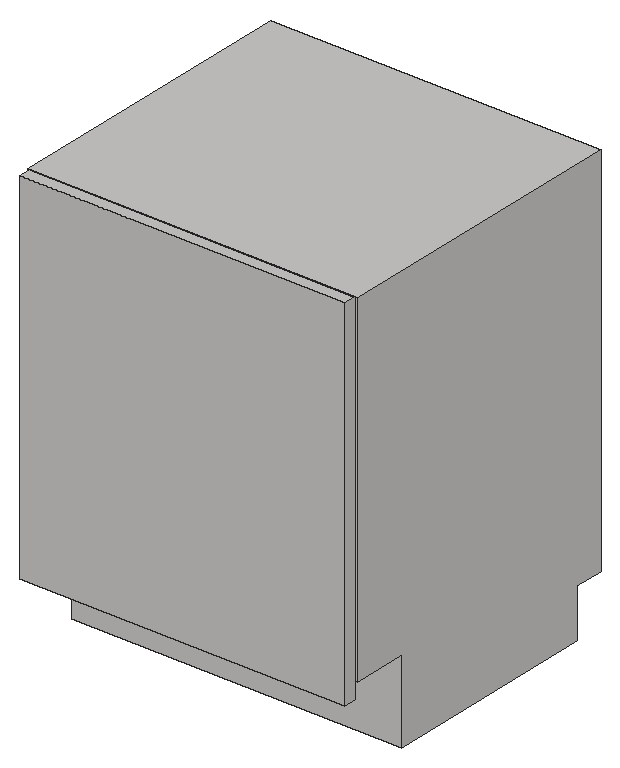
Revit family "DF481700", category Generic Models, Revit 2015
Parameters (values of type "DF481700")
  Width = 598 mm
  URL = "http://www.gaggenau.com."
  Model = "DF481700"
  Manufacturer = "Gaggenau"
  Height = 775 mm
  Fridge = Metal Panel
  Door = Metal Panel
  Description = "Gaggenau Dishwasher 400 series fully integrated Tall tub, appliance height 34 ⅛\""
  Depth = 550 mm
Reference planes
  plane 1 "Center (Front/Back)": y = 0
  plane 2: z = 0
  plane 3 "Center (Left/Right)": x = 0
  plane 4: x = -299
  plane 5: x = 299
  plane 6: z = 775
  plane 7: z = 152
  plane 8: z = 89
  plane 9: z = 20
  plane 10: y = 275
  plane 11: y = -275
  plane 12: y = -297
Forms (mm)
  Extrusion 1, solid, material "Metal Panel" <- "Fridge"
    sketch origin (0, 0, 0) x (0, 1, 0) y (0, 0, 1)
      loop
        line (275, 89) -> (275, 775) -> (-275, 775) -> (-275, 152) -> (-175, 152) -> (-175, 0) -> (222, 0) -> (222, 89) -> (275, 89)
    from -299 to 299
  Extrusion 2, solid, material "Metal Panel" <- "Door"
    sketch origin (0, 0, 0) x (0, 1, 0) y (0, 0, 1)
      loop
        line (-297, 775) -> (-297, 120) -> (-275, 120) -> (-275, 775) -> (-297, 775)
    from -295.471 to 293.529
Dimensions and locks
  "Width": plane 4 to plane 5
  equal spacing: plane 4, plane 3 "Center (Left/Right)", plane 5
  "Height": plane 6 to level
  plane 7 to plane 2 = 152 mm
  plane 6 to plane 7 = 623 mm
  equal spacing: plane 10, plane 1 "Center (Front/Back)", plane 11
  "Depth": plane 10 to plane 11
  plane 10 to plane 11 = 550 mm
  aligned and locked: level to plane 2
  aligned and locked: plane 6 to Extrusion 2
Automatic sketch dimensions
  Extrusion 1 sketch curve to plane 6 = 0 mm
  Extrusion 1 sketch curve to plane 7 = 0 mm
  Extrusion 1 sketch curve to level = 0 mm
  Extrusion 1 sketch curve to plane 8 = 0 mm
  Extrusion 1 sketch curve to plane 10 = 0 mm
  Extrusion 1 sketch curve to plane 10 = 53 mm
  plane 11 to Extrusion 1 sketch curve = 0 mm
  Extrusion 2 sketch curve to plane 7 = 32 mm
  Extrusion 2 sketch curve to plane 11 = 22 mm
  plane 11 to Extrusion 2 sketch curve = 0 mm
  Extrusion 2 sketch curve to plane 6 = 0 mm
  plane 11 to Extrusion 1 sketch curve = 100 mm
